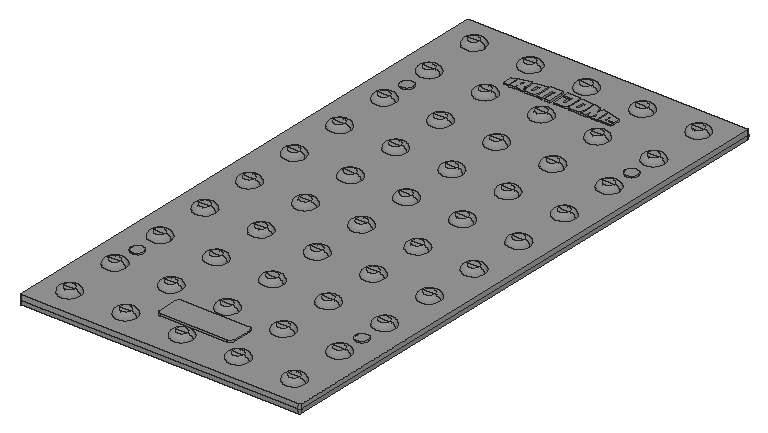
Revit family "Detectable-Warning-Surfaces_Cast-Iron-Dome-12x24_ADA-Solutions", category Generic Models, host Floor, Revit 2026 (continued)
Automatic sketch dimensions
  Revolve 36 sketch curve to Revolve 36 sketch curve = 0.03352"
  Revolve 36 sketch curve to Revolve 36 sketch curve = 0"  (x3)
  Revolve 37 sketch curve to Revolve 37 sketch curve = 0.20697"
  Revolve 37 sketch curve to Revolve 37 sketch curve = 0.22892"
  Revolve 37 sketch curve to Revolve 37 sketch curve = 0.22606"
  Revolve 37 sketch curve to Revolve 37 sketch curve = 0.03352"
  Revolve 37 sketch curve to Revolve 37 sketch curve = 0"  (x3)
  Revolve 38 sketch curve to Revolve 38 sketch curve = 0.20697"
  Revolve 38 sketch curve to Revolve 38 sketch curve = 0.22892"
  Revolve 38 sketch curve to Revolve 38 sketch curve = 0.22606"
  Revolve 38 sketch curve to Revolve 38 sketch curve = 0.03352"
  Revolve 38 sketch curve to Revolve 38 sketch curve = 0"  (x3)
  Revolve 39 sketch curve to Revolve 39 sketch curve = 0.20697"
  Revolve 39 sketch curve to Revolve 39 sketch curve = 0.22892"
  Revolve 39 sketch curve to Revolve 39 sketch curve = 0.22606"
  Revolve 39 sketch curve to Revolve 39 sketch curve = 0.03352"
  Revolve 39 sketch curve to Revolve 39 sketch curve = 0"  (x3)
  Revolve 40 sketch curve to Revolve 40 sketch curve = 0.20697"
  Revolve 40 sketch curve to Revolve 40 sketch curve = 0.22892"
  Revolve 40 sketch curve to Revolve 40 sketch curve = 0.22606"
  Revolve 40 sketch curve to Revolve 40 sketch curve = 0.03352"
  Revolve 40 sketch curve to Revolve 40 sketch curve = 0"  (x3)
  Revolve 41 sketch curve to Revolve 41 sketch curve = 0.20697"
  Revolve 41 sketch curve to Revolve 41 sketch curve = 0.22892"
  Revolve 41 sketch curve to Revolve 41 sketch curve = 0.22606"
  Revolve 41 sketch curve to Revolve 41 sketch curve = 0.03352"
  Revolve 41 sketch curve to Revolve 41 sketch curve = 0"  (x3)
  Revolve 42 sketch curve to Revolve 42 sketch curve = 0.20697"
  Revolve 42 sketch curve to Revolve 42 sketch curve = 0.22892"
  Revolve 42 sketch curve to Revolve 42 sketch curve = 0.22606"
  Revolve 42 sketch curve to Revolve 42 sketch curve = 0.03352"
  Revolve 42 sketch curve to Revolve 42 sketch curve = 0"  (x3)
  Revolve 43 sketch curve to Revolve 43 sketch curve = 0.20697"
  Revolve 43 sketch curve to Revolve 43 sketch curve = 0.22892"
  Revolve 43 sketch curve to Revolve 43 sketch curve = 0.22606"
  Revolve 43 sketch curve to Revolve 43 sketch curve = 0.03352"
  Revolve 43 sketch curve to Revolve 43 sketch curve = 0"  (x3)
  Revolve 44 sketch curve to Revolve 44 sketch curve = 0.20697"
  Revolve 44 sketch curve to Revolve 44 sketch curve = 0.22892"
  Revolve 44 sketch curve to Revolve 44 sketch curve = 0.22606"
  Revolve 44 sketch curve to Revolve 44 sketch curve = 0.03352"
  Revolve 44 sketch curve to Revolve 44 sketch curve = 0"  (x3)
  Revolve 45 sketch curve to Revolve 45 sketch curve = 0.20697"
  Revolve 45 sketch curve to Revolve 45 sketch curve = 0.22892"
  Revolve 45 sketch curve to Revolve 45 sketch curve = 0.22606"
  Revolve 45 sketch curve to Revolve 45 sketch curve = 0.03352"
  Revolve 45 sketch curve to Revolve 45 sketch curve = 0"  (x3)
  Revolve 46 sketch curve to Revolve 46 sketch curve = 0.20697"
  Revolve 46 sketch curve to Revolve 46 sketch curve = 0.22892"
  Revolve 46 sketch curve to Revolve 46 sketch curve = 0.22606"
  Revolve 46 sketch curve to Revolve 46 sketch curve = 0.03352"
  Revolve 46 sketch curve to Revolve 46 sketch curve = 0"  (x3)
  Revolve 47 sketch curve to Revolve 47 sketch curve = 0.20697"
  Revolve 47 sketch curve to Revolve 47 sketch curve = 0.22892"
  Revolve 47 sketch curve to Revolve 47 sketch curve = 0.22606"
  Revolve 47 sketch curve to Revolve 47 sketch curve = 0.03352"
  Revolve 47 sketch curve to Revolve 47 sketch curve = 0"  (x3)
  Revolve 48 sketch curve to Revolve 48 sketch curve = 0.20697"
  Revolve 48 sketch curve to Revolve 48 sketch curve = 0.22892"
  Revolve 48 sketch curve to Revolve 48 sketch curve = 0.22606"
  Revolve 48 sketch curve to Revolve 48 sketch curve = 0.03352"
  Revolve 48 sketch curve to Revolve 48 sketch curve = 0"  (x3)
  Revolve 49 sketch curve to Revolve 49 sketch curve = 0.20697"
  Revolve 49 sketch curve to Revolve 49 sketch curve = 0.22892"
  Revolve 49 sketch curve to Revolve 49 sketch curve = 0.22606"
  Revolve 49 sketch curve to Revolve 49 sketch curve = 0.03352"
  Revolve 49 sketch curve to Revolve 49 sketch curve = 0"  (x3)
  Revolve 50 sketch curve to Revolve 50 sketch curve = 0.20697"
  Revolve 50 sketch curve to Revolve 50 sketch curve = 0.22892"
  Revolve 50 sketch curve to Revolve 50 sketch curve = 0.22606"
  Revolve 50 sketch curve to Revolve 50 sketch curve = 0.03352"
  Revolve 50 sketch curve to Revolve 50 sketch curve = 0"  (x3)
  Revolve 51 sketch curve to Revolve 51 sketch curve = 0.20697"
  Revolve 51 sketch curve to Revolve 51 sketch curve = 0.22892"
  Revolve 51 sketch curve to Revolve 51 sketch curve = 0.22606"
  Revolve 51 sketch curve to Revolve 51 sketch curve = 0.03352"
  Revolve 51 sketch curve to Revolve 51 sketch curve = 0"  (x3)
  Revolve 52 sketch curve to Revolve 52 sketch curve = 0.20697"
  Revolve 52 sketch curve to Revolve 52 sketch curve = 0.22892"
  Revolve 52 sketch curve to Revolve 52 sketch curve = 0.22606"
  Revolve 52 sketch curve to Revolve 52 sketch curve = 0.03352"
  Revolve 52 sketch curve to Revolve 52 sketch curve = 0"  (x3)
  Revolve 53 sketch curve to Revolve 53 sketch curve = 0.20697"
  Revolve 53 sketch curve to Revolve 53 sketch curve = 0.22892"
  Revolve 53 sketch curve to Revolve 53 sketch curve = 0.22606"
  Revolve 53 sketch curve to Revolve 53 sketch curve = 0.03352"
  Revolve 53 sketch curve to Revolve 53 sketch curve = 0"  (x3)
  Revolve 54 sketch curve to Revolve 54 sketch curve = 0.20697"
  Revolve 54 sketch curve to Revolve 54 sketch curve = 0.22892"
  Revolve 54 sketch curve to Revolve 54 sketch curve = 0.22606"
  Revolve 54 sketch curve to Revolve 54 sketch curve = 0.03352"
  Revolve 54 sketch curve to Revolve 54 sketch curve = 0"  (x3)
  Revolve 55 sketch curve to Revolve 55 sketch curve = 0.20697"
  Revolve 55 sketch curve to Revolve 55 sketch curve = 0.22892"
  Revolve 55 sketch curve to Revolve 55 sketch curve = 0.22606"
  Revolve 55 sketch curve to Revolve 55 sketch curve = 0.03352"
  Revolve 55 sketch curve to Revolve 55 sketch curve = 0"  (x3)
  Revolve 56 sketch curve to Revolve 56 sketch curve = 0.20697"
  Revolve 56 sketch curve to Revolve 56 sketch curve = 0.22892"
  Revolve 56 sketch curve to Revolve 56 sketch curve = 0.22606"
  Revolve 56 sketch curve to Revolve 56 sketch curve = 0.03352"
  Revolve 56 sketch curve to Revolve 56 sketch curve = 0"  (x3)
  radius of Extrusion 4 sketch curve = 0.26981"  (x4)
  radius of Extrusion 6 sketch curve = 0.2698"  (x4)
Types (9): name | Color
  ADA Dark Gray | ADA Dark Gray
  ADA Black | ADA Black
  ADA Blue | ADA Blue
  ADA Brick Red | ADA Brick Red
  ADA Safety Red | ADA Safety Red
  ADA Seattle Yellow | ADA Seattle Yellow
  ADA Yellow | ADA Yellow
  ADA White | ADA White
  ADA Clay Red | ADA Clay Red
